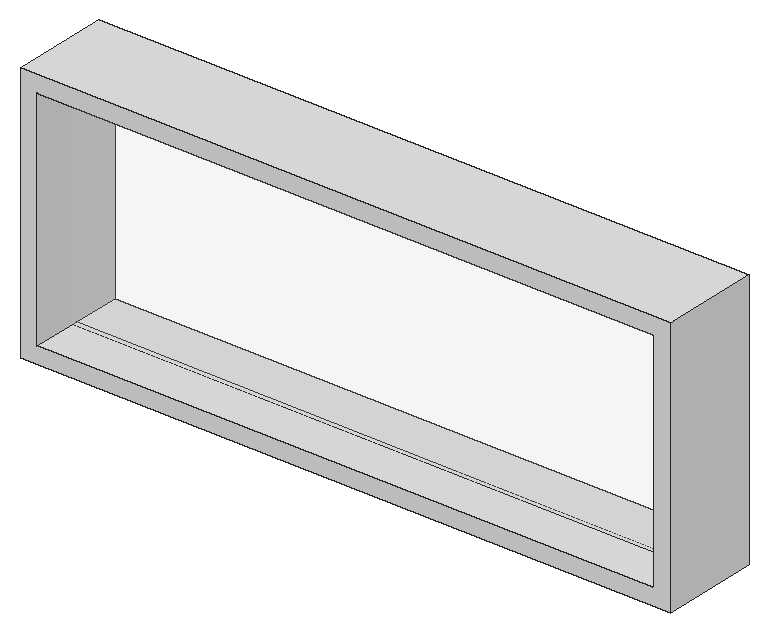
Revit family "Janela_Alta", category Windows, host Wall, Revit 2025
Family settings
  Host = Wall
  OmniClass Number = 23.30.20.00
  OmniClass Title = Windows
  Always vertical = Yes
  Cut with Voids When Loaded = No
  Shared = No
  Room Calculation Point = Yes
Parameters (values of type "Janela_1x1")
  Type IFC Predefined Type = "WINDOW"
  Janela_Largura = Width  # 1.000 m
  Janela_Altura_Verga = 2.100 m
  Janela_Altura = 0.400 m
  Janela_Alta = yes
  Height = 2.100 m
  Janela_Altura_Peitoril = Janela_Altura_Verga - Height  # 0.000 m
  Wall Closure = By host
  Width = 1.000 m
  Export Type to IFC As = "IfcWindowType"
  ABNT_3E = "3E.20.04.02"
Reference planes (m)
  plane 1 "Center (Front/Back)": y = 0
  plane 2 "Center (Left/Right)": x = 0
  plane 3 "Exterior": y = 0.075
  plane 4 "Interior": y = -0.075
  plane 5: z = 2.1
  plane 6: z = 1.7
  plane 7: x = 0.5
  plane 8: x = -0.5
Forms (m)
  Extrusion 1, solid, material "CT_Aluminio"
    sketch origin (0, -0.075, 0) x (1, 0, 0) y (0, 0, 1)
      loop
        line (-0.5, 2.1) -> (-0.5, 1.7) -> (0.5, 1.7) -> (0.5, 2.1) -> (-0.5, 2.1)
      loop
        line (-0.475, 2.074501) -> (-0.475, 1.725) -> (0.475, 1.725) -> (0.475, 2.074501) -> (-0.475, 2.074501)
    from -0.15 to 0
  Extrusion 2, solid, material "CT_Vidros"
    sketch origin (0, -0.075, 0) x (1, 0, 0) y (0, 0, 1)
      loop
        line (-0.475, 2.074501) -> (-0.475, 1.725) -> (0.475, 1.725) -> (0.475, 2.074501) -> (-0.475, 2.074501)
    from -0.075 to -0.067943
Lines and regions (m)
  Opening 1
    outline origin (-5, -0.075, 0) x (1, 0, 0) y (0, 0, 1)
      loop
        line (5.5, 2.1) -> (4.5, 2.1) -> (4.5, 1.7) -> (5.5, 1.7) -> (5.5, 2.1)
  model lines
    curve 1: line (-0.5, 0.075, 0) -> (-0.5, -0.075, 0)
    curve 2: line (0.5, 0.075, 0) -> (0.5, -0.075, 0)
  model lines, visible <- "Janela_Alta"
    curve 3: line (-0.5, 0, 0) -> (0.5, 0, 0)
Text (m)
  text "Exterior" at (-1.963203, 1.332353, 0), in view "Ref. Level"
  text "Interior" at (-1.981466, -0.818386, 0), in view "Ref. Level"
  text "Exterior" at (0, 0.923751, 2.943296), in view "Right"
  text "Exterior" at (0, 1.040484, 2.685409), in view "Left"
Dimensions and locks (m)
  locked: plane 3 "Exterior" to host wall
  locked: plane 4 "Interior" to host wall
  "Janela_Altura_Verga": level to plane 5
  "Janela_Altura": plane 6 to plane 5
  equal spacing: plane 8, plane 2 "Center (Left/Right)", plane 7
  "Janela_Largura": plane 8 to plane 7
  locked: Extrusion 1 sketch curve to Extrusion 1 sketch curve at 0.025  (x3)
  locked: Extrusion 1 sketch curve to Extrusion 1 sketch curve at 0.025499
  locked: Extrusion 2 to Extrusion 2 at 0.007057
  aligned and locked: plane 5 to Opening 1 sketch curve
  aligned and locked: Opening 1 sketch curve to plane 7
  aligned and locked: Opening 1 sketch curve to plane 6
  aligned and locked: plane 8 to Opening 1 sketch curve
  aligned and locked: curve 1 to host wall
  aligned and locked: curve 2 to host wall
  aligned and locked: Extrusion 1 sketch curve to host wall  (x4)
  aligned and locked: Extrusion 2 sketch curve to Extrusion 1  (x4)
  aligned and locked: host wall to Extrusion 1  (x2)
  aligned and locked: Extrusion 2 to host wall
Automatic sketch dimensions
  host wall to curve 1 = 0.000 m
  host wall to curve 3 = 0.000 m
  host wall to curve 2 = 0.000 m
  curve 2 to host wall = 0.000 m
  curve 1 to host wall = 0.000 m
